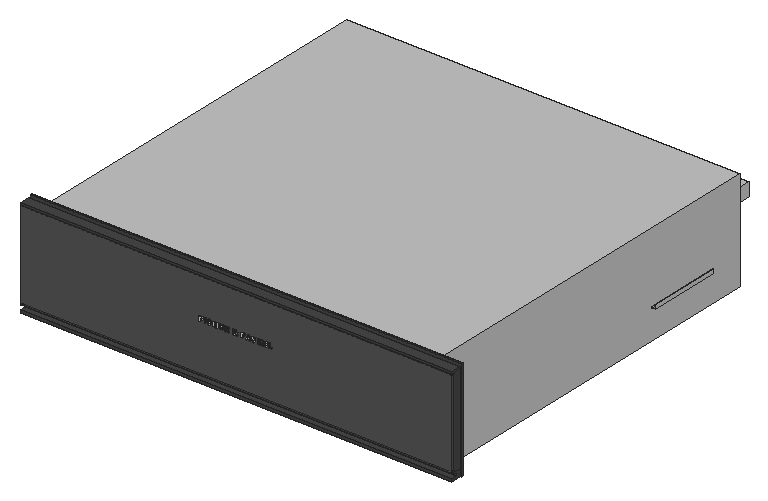
Revit family "FP_Revit_18_VB24SDEB1_Vacuum_Drawer_9000xxxxA", category Specialty Equipment, Revit 2018
Family settings
  Round Connector Dimension = Use Diameter
  Part Type = Normal
  OmniClass Number = 23.40.40.00
  OmniClass Title = Food Service Equipment and Furnishings
  Work Plane-Based = No
  Always vertical = Yes
  Cut with Voids When Loaded = Yes
  Shared = No
  Room Calculation Point = No
Parameters (values of type "VB24SDEB1")
  Visibility - Clearance Required = yes
  URL = "www.fisherpaykel.com"
  Product - Width = 596 mm  # constant formula
  Product - Height = 140 mm  # constant formula
  Product - Depth = 567 mm  # constant formula
  Model = "VB24SDEB1"
  Material - Trim = Fisher & Paykel - Black
  Material - Structure = Fisher & Paykel - Black
  Material - Glass = Fisher & Paykel - Glass, Black
  Material - Body = Fisher & Paykel - Grey
  Manufacturer = "Fisher & Paykel Appliances"
  FFL Offset [instance] = 740 mm
  Description = "24\" Vacuum Drawer"
  Connector Description - Electrical = "110 V, 60 Hz, 10 A"
  Chassis - Width = 543 mm  # constant formula
  Chassis - Height = 140 mm  # constant formula
  Chassis - Depth = 547 mm  # constant formula
  Cavity - Width = 560 mm  # constant formula
  Cavity - Height = 142 mm  # constant formula
  Cavity - Depth = 550 mm  # constant formula
Reference planes
  plane 1 "Center (Front/Back)": y = 0
  plane 2: z = 0
  plane 3 "Center (Left/Right)": x = 0
  plane 4: z = 882
  plane 5: z = 880
  plane 6 "Product LHS": x = -298
  plane 7 "Product RHS": x = 298
  plane 8 "Cavity LHS": x = -300
  plane 9 "Cavity RHS": x = 300
  plane 10 "Cavity - Depth": y = 550
  plane 11 "Front Face": y = -20
  plane 12 "FFL Offset": z = 740
  plane 13 "Product - Depth": y = 547
Forms (mm)
  Extrusion 1, solid, material "Fisher & Paykel - Grey" <- "Material - Body"
    sketch origin (0, 0, 0) x (0, 1, 0) y (0, 0, 1)
      loop
        line (0, 880) -> (0, 740) -> (511, 740) -> (511, 880) -> (0, 880)
    from -271.5 to 271.5
  Extrusion 2, solid, material "Fisher & Paykel - Black" <- "Material - Structure", detail levels fine
    sketch origin (0, 0, 0) x (0, 1, 0) y (0, 0, 1)
      loop
        line (-6, 875) -> (-16, 875) -> (-16, 751.6) -> (-6, 751.6) -> (-6, 875)
    from -298 to 298
  Extrusion 3, solid, material "Fisher & Paykel - Black" <- "Material - Structure", detail levels fine
    sketch origin (0, 0, 0) x (0, 1, 0) y (0, 0, 1)
      loop
        line (-2, 880) -> (-2, 740) -> (0, 740) -> (0, 880) -> (-2, 880)
    from -298 to 298
  Extrusion 4, solid, material "Fisher & Paykel - Black" <- "Material - Trim", detail levels fine
    sketch origin (0, 0, 0) x (0, 1, 0) y (0, 0, 1)
      loop
        line (-11, 748.6) -> (-11, 745) -> (-20, 745) -> (-20, 742) -> (-6, 742) -> (-6, 751.6) -> (-18.226, 751.6) -> (-14.6, 748.6) -> (-11, 748.6)
    from -298 to 298
  Extrusion 5, solid, material "Fisher & Paykel - Grey" <- "Material - Body", detail levels fine
    sketch origin (0, 0, 0) x (0, 1, 0) y (0, 0, 1)
      loop
        line (-6, 745) -> (-2, 745) -> (-2, 859) -> (-6, 859) -> (-6, 745)
    from -258.5 to 258.5
  Extrusion 6, solid, material "Fisher & Paykel - Grey" <- "Material - Body"
    sketch origin (0, 0, 0) x (1, 0, 0) y (0, 0, 1)
      loop
        line (255, 849) -> (230, 849) -> (230, 830) -> (255, 830) -> (255, 849)
    from -547 to -511
  Extrusion 7, solid, material "Fisher & Paykel - Grey" <- "Material - Body"
    sketch origin (0, 0, 0) x (0, 1, 0) y (0, 0, 1)
      loop
        circle (535.001, 838.439) r 8
    from 190 to 230
  Extrusion 8, solid, material "Fisher & Paykel - Glass, Black" <- "Material - Glass", detail levels fine
    sketch origin (0, 0, 0) x (1, 0, 0) y (0, 0, 1)
      loop
        arc (-296, 875) -> (-297.414, 874.414) -> (-298, 873) r 2
        line (-298, 873) -> (-298, 753.6)
        arc (-298, 753.6) -> (-297.414, 752.186) -> (-296, 751.6) r 2
        line (-296, 751.6) -> (295.982, 751.6)
        arc (295.982, 751.6) -> (297.409, 752.191) -> (298, 753.618) r 2.018
        line (298, 753.618) -> (298, 873)
        arc (298, 873) -> (297.414, 874.414) -> (296, 875) r 2
        line (296, 875) -> (-296, 875)
    from 16 to 20
  Extrusion 9, solid, material "Fisher & Paykel - Clearance Required", visible <- "Visibility - Clearance Required", detail levels coarse
    sketch origin (0, 0, 0) x (1, 0, 0) y (0, 1, 0)
      loop
        line (-280, 0) -> (280, 0) -> (280, 550) -> (-280, 550) -> (-280, 0)
    from 740 to 882
  Extrusion 10, solid, material "Fisher & Paykel - Clearance Required", visible <- "Visibility - Clearance Required", detail levels coarse
    sketch origin (0, 0, 0) x (0, 1, 0) y (0, 0, 1)
      loop
        line (0, 882) -> (-434, 882) -> (-434, 740) -> (0, 740) -> (0, 882)
    from -300 to 300
  Extrusion 11, solid, material "Fisher & Paykel - Glass, Black" <- "Material - Glass", detail levels coarse+medium
    sketch origin (0, 0, 0) x (0, 1, 0) y (0, 0, 1)
      loop
        line (-20, 878) -> (-20, 740) -> (0, 740) -> (0, 878) -> (-20, 878)
    from -298 to 298
  Extrusion 12, solid, material "Fisher & Paykel - Black" <- "Material - Trim", detail levels fine
    sketch origin (0, 0, 0) x (0, 1, 0) y (0, 0, 1)
      loop
        line (-6, 878) -> (-20, 878) -> (-20, 875) -> (-6, 875) -> (-6, 878)
    from -298 to 298
  Extrusion 13, void
    sketch origin (0, 0, 0) x (1, 0, 0) y (0, 1, 0)
      loop
        line (-280, 0) -> (280, 0) -> (280, 550) -> (-280, 550) -> (-280, 0)
    from 740 to 882
  Extrusion 14, void
    sketch origin (0, 0, 0) x (0, 1, 0) y (0, 0, 1)
      loop
        line (0, 882) -> (-20, 882) -> (-20, 740) -> (0, 740) -> (0, 882)
    from -300 to 300
  Extrusion 15, solid, material "Fisher & Paykel - Grey" <- "Material - Body", detail levels medium+fine
    sketch origin (0, 0, 0) x (1, 0, 0) y (0, 0, 1)
      loop
        circle (-120, 813) r 22.561
    from -528 to -511
  Extrusion 16, solid, material "Fisher & Paykel - Grey" <- "Material - Body", detail levels medium+fine
    sketch origin (0, 0, 0) x (1, 0, 0) y (0, 0, 1)
      loop
        line (-277.75, 787.5) -> (-277.75, 782.5) -> (-272, 782.5) -> (-272, 783.5) -> (-276.5, 783.5) -> (-276.5, 787.5) -> (-277.75, 787.5)
      loop
        line (277.75, 787.5) -> (276.5, 787.5) -> (276.5, 783.5) -> (272, 783.5) -> (272, 782.5) -> (277.75, 782.5) -> (277.75, 787.5)
    from -458 to -358
Text (mm)
  text "Due to ongoing product development, product details are subject to change without notice. \nPlease always refer to www.fisherpaykel.com for the most current product information. \n© Fisher & Paykel 2020" at (41.04, -543.295, 0), in view "Ref. Level (Plan)"
Dimensions and locks
  equal spacing: plane 6 "Product LHS", plane 3 "Center (Left/Right)", plane 7 "Product RHS"
  "Product - Width": plane 6 "Product LHS" to plane 7 "Product RHS"
  equal spacing: plane 8 "Cavity LHS", plane 3 "Center (Left/Right)", plane 9 "Cavity RHS"
  "Cavity - Depth": plane 10 "Cavity - Depth" to plane 1 "Center (Front/Back)"
  locked: plane 11 "Front Face" to plane 1 "Center (Front/Back)" at 20
  equal spacing: Extrusion 1, plane 3 "Center (Left/Right)", Extrusion 1
  "Chassis - Width": Extrusion 1 to Extrusion 1
  equal spacing: Extrusion 9, plane 3 "Center (Left/Right)", Extrusion 9
  "FFL Offset": plane 12 "FFL Offset" to level
  "Cavity - Height": plane 4 to plane 12 "FFL Offset"
  "Product - Height": plane 5 to plane 12 "FFL Offset"
  "Chassis - Height": Extrusion 1 to plane 12 "FFL Offset"
  "Chassis - Depth": Extrusion 6 to plane 1 "Center (Front/Back)"
  locked: Extrusion 2 sketch curve to plane 12 "FFL Offset" at 11.6
  locked: nested 1 to plane 12 "FFL Offset" at 78.891
  locked: Extrusion 10 to plane 11 "Front Face" at 414
  "Cavity - Width": Extrusion 13 to Extrusion 13
  locked: Extrusion 16 sketch curve to plane 12 "FFL Offset" at 42.5
  locked: Extrusion 10 to Extrusion 10 at 600
  "Chassis - Depth": plane 1 "Center (Front/Back)" to plane 13 "Product - Depth"
  plane 13 "Product - Depth" to plane 11 "Front Face" = 567 mm
  locked: plane 1 "Center (Front/Back)" to plane 11 "Front Face" at 20
  aligned and locked: level to plane 2
  aligned and locked: Extrusion 8 to plane 11 "Front Face"
  aligned and locked: plane 4 to Extrusion 9
  aligned and locked: plane 12 "FFL Offset" to Extrusion 3 sketch curve
  aligned and locked: Extrusion 8 to Extrusion 4
  aligned and locked: Extrusion 4 to plane 11 "Front Face"
  aligned and locked: Extrusion 12 to plane 11 "Front Face"
  aligned and locked: Extrusion 1 to plane 12 "FFL Offset"
  aligned and locked: plane 5 to Extrusion 1
  aligned and locked: Extrusion 12 to plane 7 "Product RHS"
  aligned and locked: plane 6 "Product LHS" to Extrusion 12
  aligned and locked: Extrusion 11 to plane 12 "FFL Offset"
  aligned and locked: Extrusion 10 to plane 12 "FFL Offset"
  aligned and locked: Extrusion 9 to plane 12 "FFL Offset"
  aligned and locked: plane 4 to Extrusion 13
  aligned and locked: Extrusion 13 to plane 12 "FFL Offset"
  aligned and locked: Extrusion 15 to Extrusion 1
  aligned and locked: plane 13 "Product - Depth" to Extrusion 6
  aligned and locked: Extrusion 2 to Extrusion 8
Automatic sketch dimensions
  Extrusion 1 sketch curve to plane 1 "Center (Front/Back)" = 0 mm
  Extrusion 1 sketch curve to plane 12 "FFL Offset" = 0 mm
  Extrusion 1 sketch curve to plane 5 = 0 mm
  plane 11 "Front Face" to Extrusion 2 sketch curve = 4 mm
  plane 1 "Center (Front/Back)" to Extrusion 2 sketch curve = 6 mm
  Extrusion 2 sketch curve to plane 5 = 5 mm
  Extrusion 3 sketch curve to plane 5 = 0 mm
  Extrusion 3 sketch curve to plane 1 "Center (Front/Back)" = 0 mm
  plane 1 "Center (Front/Back)" to Extrusion 3 sketch curve = 2 mm
  Extrusion 4 sketch curve to plane 11 "Front Face" = 0 mm
  plane 11 "Front Face" to Extrusion 4 sketch curve = 1.774 mm
  Extrusion 4 sketch curve to Extrusion 4 sketch curve = 3.626 mm
  Extrusion 4 sketch curve to Extrusion 4 sketch curve = 3.6 mm  (x2)
  Extrusion 4 sketch curve to Extrusion 4 sketch curve = 5 mm
  plane 12 "FFL Offset" to Extrusion 4 sketch curve = 2 mm
  Extrusion 4 sketch curve to Extrusion 4 sketch curve = 3 mm  (x2)
  Extrusion 6 sketch curve to plane 5 = 31 mm
  plane 7 "Product RHS" to Extrusion 6 sketch curve = 68 mm
  Extrusion 6 sketch curve to Extrusion 6 sketch curve = 25 mm
  Extrusion 6 sketch curve to Extrusion 6 sketch curve = 19 mm
  Extrusion 7 sketch curve to plane 5 = 41.561 mm
  plane 6 "Product LHS" to Extrusion 8 sketch curve = 0 mm
  plane 7 "Product RHS" to Extrusion 8 sketch curve = 0 mm
  Extrusion 8 sketch curve to plane 6 "Product LHS" = 2 mm  (x2)
  plane 7 "Product RHS" to Extrusion 8 sketch curve = 2.018 mm
  Extrusion 8 sketch curve to Extrusion 8 sketch curve = 2 mm
  plane 12 "FFL Offset" to Extrusion 8 sketch curve = 11.6 mm
  Extrusion 8 sketch curve to plane 5 = 7 mm
  Extrusion 9 sketch curve to plane 10 "Cavity - Depth" = 0 mm
  plane 1 "Center (Front/Back)" to Extrusion 9 sketch curve = 0 mm
  Extrusion 9 sketch curve to plane 6 "Product LHS" = 18 mm
  plane 7 "Product RHS" to Extrusion 9 sketch curve = 18 mm
  Extrusion 10 sketch curve to plane 4 = 0 mm
  Extrusion 10 sketch curve to plane 12 "FFL Offset" = 0 mm
  Extrusion 10 sketch curve to plane 1 "Center (Front/Back)" = 0 mm
  Extrusion 10 sketch curve to plane 11 "Front Face" = 414 mm
  Extrusion 11 sketch curve to plane 11 "Front Face" = 0 mm
  Extrusion 11 sketch curve to plane 1 "Center (Front/Back)" = 0 mm
  Extrusion 11 sketch curve to plane 12 "FFL Offset" = 0 mm
  Extrusion 11 sketch curve to plane 5 = 2 mm
  Extrusion 12 sketch curve to plane 11 "Front Face" = 0 mm
  plane 1 "Center (Front/Back)" to Extrusion 12 sketch curve = 6 mm
  Extrusion 12 sketch curve to plane 5 = 5 mm
  Extrusion 12 sketch curve to plane 5 = 2 mm
  Extrusion 13 sketch curve to plane 10 "Cavity - Depth" = 0 mm
  plane 1 "Center (Front/Back)" to Extrusion 13 sketch curve = 0 mm
  Extrusion 13 sketch curve to plane 6 "Product LHS" = 18 mm
  plane 7 "Product RHS" to Extrusion 13 sketch curve = 18 mm
  Extrusion 14 sketch curve to plane 4 = 0 mm
  Extrusion 14 sketch curve to plane 12 "FFL Offset" = 0 mm
  Extrusion 14 sketch curve to plane 1 "Center (Front/Back)" = 0 mm
  Extrusion 14 sketch curve to plane 11 "Front Face" = 0 mm
  Extrusion 15 sketch curve to plane 3 "Center (Left/Right)" = 120 mm
  Extrusion 15 sketch curve to plane 5 = 67 mm
  Extrusion 16 sketch curve to plane 6 "Product LHS" = 20.25 mm
  Extrusion 16 sketch curve to Extrusion 16 sketch curve = 1.25 mm  (x2)
  Extrusion 16 sketch curve to Extrusion 16 sketch curve = 4.5 mm  (x2)
  plane 7 "Product RHS" to Extrusion 16 sketch curve = 26 mm
  plane 12 "FFL Offset" to Extrusion 16 sketch curve = 42.5 mm
  Extrusion 16 sketch curve to Extrusion 16 sketch curve = 1 mm  (x2)
  Extrusion 16 sketch curve to Extrusion 16 sketch curve = 4 mm  (x2)
  Extrusion 1 sketch curve to plane 10 "Cavity - Depth" = 39 mm
  Extrusion 7 sketch curve to plane 10 "Cavity - Depth" = 14.999 mm
  plane 1 "Center (Front/Back)" to Extrusion 5 sketch curve = 6 mm
  plane 1 "Center (Front/Back)" to Extrusion 5 sketch curve = 2 mm
  plane 12 "FFL Offset" to Extrusion 5 sketch curve = 5 mm
  Extrusion 5 sketch curve to plane 5 = 21 mm
  radius of Extrusion 7 sketch curve = 8 mm
  radius of Extrusion 15 sketch curve = 22.561 mm
Nested families
  nested 1: "F&P Logo 100mm" at (0.045, -20, 819), type "Grey"
Connectors
  electrical at (190, 535.001, 838.439), driven by "Connector Description - Electrical"
    settings: on Extrusion 7, index 1, voltage 120 V, apparent load 0 VA, apparent load phase1 0 VA, apparent load phase2 0 VA, apparent load phase3 0 VA, power factor 1, load classification "Other", number of poles 1, system type 30, power factor state 1, is connector primary yes, connector utility no, sub classification motor no, connector description "110 V, 60 Hz, 10 A"
Definition of nested family "F&P Logo 100mm"
  Parameters (values of type "Grey")
    URL = "www.fisherpaykel.com"
    Material - Logo = none
    Manufacturer = "Fisher & Paykel Appliances"
  Types (2): name
    Chrome
    Grey
  Reference planes
    plane 1 "Center (Front/Back)": y = 0
    plane 2: z = 0
    plane 3 "Center (Left/Right)": x = 0
  Forms (mm)
    Extrusion 1, solid, material <- "Material - Logo", detail levels fine
      sketch origin (0, 0, 0) x (1, 0, 0) y (0, 0, 1)
        loop
          line (-50.044, 0) -> (-48.47, 0) -> (-48.47, 2.138) -> (-46.011, 2.138) -> (-46.011, 3.472) -> (-48.47, 3.472) -> (-48.47, 4.712) -> (-45.795, 4.712) -> (-45.795, 6.04) -> (-50.044, 6.04) -> (-50.044, 0)
        loop
          line (-42.804, 6.04) -> (-42.804, 0) -> (-41.23, 0) -> (-41.23, 6.04) -> (-42.804, 6.04)
        loop
          line (-30.724, 6.04) -> (-30.724, 0) -> (-29.151, 0) -> (-29.151, 2.42) -> (-26.839, 2.42) -> (-26.839, 0) -> (-25.265, 0) -> (-25.265, 6.04) -> (-26.839, 6.04) -> (-26.839, 3.748) -> (-29.151, 3.748) -> (-29.151, 6.04) -> (-30.724, 6.04)
        loop
          line (-21.906, 6.04) -> (-21.906, 0) -> (-17.602, 0) -> (-17.602, 1.328) -> (-20.347, 1.328) -> (-20.347, 2.42) -> (-17.838, 2.42) -> (-17.838, 3.748) -> (-20.347, 3.748) -> (-20.347, 4.712) -> (-17.602, 4.712) -> (-17.602, 6.04) -> (-21.906, 6.04)
        loop
          line (45.667, 6.04) -> (45.667, 0) -> (49.956, 0) -> (49.956, 1.328) -> (47.241, 1.328) -> (47.241, 6.04) -> (45.667, 6.04)
        loop
          line (42.431, 6.04) -> (38.112, 6.04) -> (38.112, 0) -> (42.431, 0) -> (42.431, 1.328) -> (39.687, 1.328) -> (39.687, 2.42) -> (42.195, 2.42) -> (42.195, 3.748) -> (39.687, 3.748) -> (39.687, 4.712) -> (42.431, 4.712) -> (42.431, 6.04)
        loop
          line (33.451, 3.148) -> (35.683, 6.04) -> (33.844, 6.04) -> (31.915, 3.542) -> (31.915, 6.04) -> (30.342, 6.04) -> (30.342, 0) -> (31.915, 0) -> (31.915, 2.705) -> (33.903, 0) -> (35.763, 0) -> (33.451, 3.148)
        loop
          line (21.98, 6.04) -> (24.262, 2.42) -> (24.262, 0) -> (25.837, 0) -> (25.837, 2.341) -> (28.119, 6.04) -> (26.446, 6.04) -> (25.099, 3.707) -> (23.753, 6.04) -> (21.98, 6.04)
        loop
          line (18.479, 6.04) -> (16.983, 6.04) -> (14.524, 0) -> (16.069, 0) -> (16.501, 1.112) -> (18.921, 1.112) -> (19.354, 0) -> (20.938, 0) -> (18.479, 6.04)
        loop
          line (18.4, 2.439) -> (17.693, 4.174) -> (17.018, 2.439) -> (18.4, 2.439)
        loop
          line (8.031, 6.04) -> (8.031, 0) -> (9.605, 0) -> (9.605, 1.938) -> (10.599, 1.938)
          arc (10.599, 1.938) -> (12.65, 3.989) -> (10.599, 6.04) r 2.051
          line (10.599, 6.04) -> (8.031, 6.04)
        loop
          line (9.605, 4.712) -> (9.605, 3.197) -> (10.501, 3.197)
          arc (10.501, 3.197) -> (11.259, 3.954) -> (10.501, 4.712) r 0.757
          line (10.501, 4.712) -> (9.605, 4.712)
        loop
          line (-11.783, 6.04) -> (-14.366, 6.04) -> (-14.366, 0) -> (-12.792, 0) -> (-12.792, 1.336) -> (-11.992, 1.336) -> (-10.972, 0) -> (-9.153, 0) -> (-10.694, 1.973)
          arc (-10.694, 1.973) -> (-9.678, 4.424) -> (-11.783, 6.04) r 2.179
        loop
          line (-11.897, 4.712) -> (-12.792, 4.712) -> (-12.792, 3.053) -> (-11.897, 3.053)
          arc (-11.897, 3.053) -> (-11.068, 3.882) -> (-11.897, 4.712) r 0.83
        loop
          line (0.477, 4.712) -> (0.477, 6.153) -> (-3.575, 6.153) -> (-3.575, 4.851) -> (-2.974, 4.112)
          arc (-2.974, 4.112) -> (-3.51, 0.684) -> (-0.045, 0.512) r 2.334
          line (-0.045, 0.512) -> (0.46, -0.109) -> (2.246, -0.109) -> (0.86, 1.594) -> (2.061, 3.324) -> (0.443, 3.324) -> (-0.013, 2.667) -> (-1.677, 4.712) -> (0.477, 4.712)
        loop
          arc (-2.125, 3.068) -> (-2.269, 1.668) -> (-0.868, 1.524) r 0.996
          line (-0.868, 1.524) -> (-2.125, 3.068)
        loop
          line (-35.18, 3.634) -> (-36.516, 3.91)
          arc (-36.516, 3.91) -> (-37.049, 4.443) -> (-36.516, 4.976) r 0.533
          arc (-36.516, 4.976) -> (-35.235, 4.79) -> (-34.059, 4.248) r 4.505
          line (-34.059, 4.248) -> (-34.059, 5.743)
          arc (-34.059, 5.743) -> (-35.549, 6.179) -> (-37.1, 6.109) r 4.726
          arc (-37.1, 6.109) -> (-38.536, 4.335) -> (-37.1, 2.561) r 1.814
          line (-37.1, 2.561) -> (-35.754, 2.282)
          arc (-35.754, 2.282) -> (-35.221, 1.749) -> (-35.754, 1.216) r 0.533
          arc (-35.754, 1.216) -> (-37.035, 1.402) -> (-38.211, 1.945) r 4.505
          line (-38.211, 1.945) -> (-38.211, 0.449)
          arc (-38.211, 0.449) -> (-36.72, 0.013) -> (-35.169, 0.083) r 4.726
          arc (-35.169, 0.083) -> (-33.734, 1.863) -> (-35.18, 3.634) r 1.814
      from 0 to 0.8
  Dimensions and locks
    aligned and locked: level to plane 2
